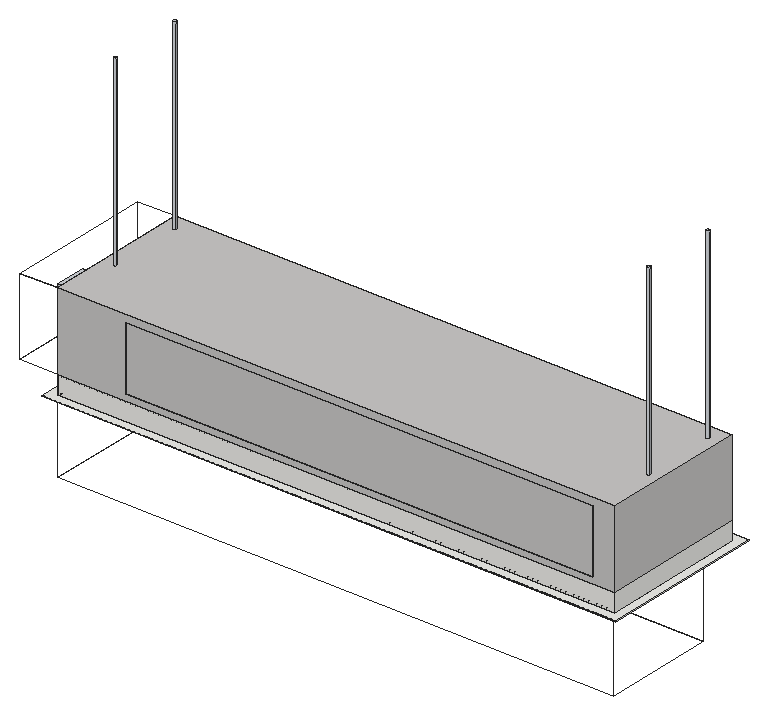
Revit family "AIRTECNICS_AIR CURTAIN_RECESSED OPTIMA_ELECTRICAL HEATED (E)_THREE PHASE", category Mechanical Equipment, Revit 2016
Family settings
  Part Type = Normal
  Round Connector Dimension = Use Diameter
  OmniClass Number = 23.75.70.21.17
  OmniClass Title = Air Curtains
  Work Plane-Based = No
  Always vertical = Yes
  Cut with Voids When Loaded = No
  Shared = No
  Room Calculation Point = No
Parameters (values of type "RO 1500 E")
  · POSITION · [instance] = "-/ Select Curtain Position /-"  # constant formula
  · OTHERS · [instance] = "-/ Select Supports - Inst.Maint. Space /-"  # constant formula
  · HEATING · [instance] = "-/ Select Heating /-"  # constant formula
  Weight [instance] = size_lookup(Name_Lookup_Data, "Weight", 1.00 kg, COD)  # 38.50 kg
  Wall Supports (Horizontal) [instance] = no
  Voltage [instance] = 400 V  # constant formula
  URL_Manufacturer = "https://www.airtecnics.com"
  URL_Datasheet = "https://www.airtecnics.com/download/file/1945/recessed-optima.pdf"
  Supports Length [instance] = 500.0 mm
  Supports (Horizontal) [instance] = yes
  Revit Version = "Revit 2016 - English"  # constant formula
  Review Date = "11/2018"  # constant formula
  Remote Control = "IR-AIR"  # constant formula
  URL = "https://www.airtecnics.com/products/air-curtain-recessed-optima"
  Product Size = if(L = 1000.0 mm, "1000", if(L = 1500.0 mm, "1500", "2000"))  # "1500"
  Product Reference [instance] = size_lookup(Name_Lookup_Ref, "", "Consult Manufacturer", COD)  # "RO 1500 E"
  Product Heating [instance] = if(E Standard, "E Standard", "E-9")  # "E Standard"
  Product Description [instance] = size_lookup(Name_Lookup_Data, "", "Consult Manufacturer", COD)  # "Self-supporting casing construction made of galvanized steel plate, ready to be installed recessed in a false ceiling. \r\nInlet grille (free of maintenance) made with aluminium profiles and blow-out nozzle, integrated in a single white frame colour RAL 9016. Other colours are available on request. \r\nAnodized aluminium outlet vanes, airfoil shaped.\r\nLow noise twisted cross-flow fans driven by a 2-speed external rotor motor.\r\n“E” type with electrical shielded elements, two stages with integrated regulation. \r\nIncludes Plug&Play control with 7m RJ45 cable and infrared remote control. Optional: Clever control (programmable, automatic, intelligent, energy saving, Modbus RTU for BMS…)\r\nAir Volume: 2200 m3/h \r\nFans:  0,117 kW  0,53 A 230Vx1 50Hz\r\nHeating power: 6/9 kW (400Vx3)\r\nDimensions: 446x259x1550 mm (depth, height, length)"
  Power Fans Factor [instance] = size_lookup(Name_Lookup_Data, "Power Factor", 1, COD)  # 0.96
  Power Fans [instance] = size_lookup(Name_Lookup_Data, "Power Fans", 1 kW, COD)  # 0.117 kW
  Power Factor [instance] = 1  # constant formula
  Noise Level (dB(A)) [instance] = size_lookup(Name_Lookup_Data, "Noise Level (dB(A))", 1, COD)  # 51
  Name_Lookup_Ref = "RO_(E-T)_Ref_Lookup"  # constant formula
  Name_Lookup_Data = "RO_(E-T)_Data_Lookup"  # constant formula
  Model = "Air Curtain RECESSED OPTIMA E Three Phase"  # constant formula
  Material Grille = AIRTECNICS_Perforated_Recessed Optima_Galvanized Steel
  Material Curtain [instance] = AIRTECNICS_White RAL 9016
  Length = L + 50.0 mm + Depth - Depth  # 1550.0 mm
  Height = 259.0 mm  # constant formula
  Frequency = 50 Hz  # constant formula
  Fans Stage = 2  # constant formula
  Family Version = "1.0"  # constant formula
  Electrical Heating Capacity (kW) [instance] = if(COD = 11, "3.8/5.65", if(COD = 21, "6/9", if(COD = 31, "3.8/5.65", if(COD = 12, "6/9", if(COD = 42, "3.8/5.65", if(COD = 52, "6/9", if(COD = 14, "5.65/11.3", if(COD = 24, "5.65/11.3", "Consult Manufacturer"))))))))  # "6/9"
  Electrical + Current Fans [instance] = size_lookup(Name_Lookup_Data, "Electrical + Current Fans", 1 A, COD)  # 13.53 A
  E-9 (only OPT 1000) [instance] = no
  E Standard [instance] = not([E-9 (only OPT 1000)])  # yes
  Depth = 445.0 mm  # constant formula
  Current Fans [instance] = size_lookup(Name_Lookup_Data, "Current Fans", 1 A, COD)  # 0.53 A
  Created by = "BIMETRICAL"  # constant formula
  Control [instance] = "CE-2AO-IR"  # constant formula
  Cable = "CB7"  # constant formula
  COD [instance] = if(L = 1000.0 mm, 1, 0) + if(L = 1500.0 mm, 2, 0) + if(L = 2000.0 mm, 4, 0) + if(E Standard, 10, 0) + if([E-9 (only OPT 1000)], 20, 0)  # 12
  Aspiration/Maintenance Space [instance] = yes
  Airflow [instance] = size_lookup(Name_Lookup_Data, "Airflow", 1 m³/h, COD)  # 2200 m³/h
  L = 1500.0 mm
  Type Image = <None>
  IfcExportType = "ELECTRICHEATINGCOIL"  # constant formula
  IfcExportAs = "IfcCoilType"  # constant formula
  Horizontal [instance] = 1 = 1  # yes
  Manufacturer = "AIRTECNICS"  # constant formula
  Description = ""
  Type Comments = "Self-supporting casing construction made of galvanized steel plate, ready to be installed recessed in a false ceiling. \r\nInlet grille (free of maintenance) made with aluminium profiles and blow-out nozzle, integrated in a single white frame colour RAL 9016. Other colours are available on request. \r\nAnodized aluminium outlet vanes, airfoil shaped.\r\nLow noise twisted cross-flow fans driven by a 2-speed external rotor motor.\r\n“P” type with water heated coil. “E” type with electrical shielded elements, two stages with integrated regulation. “A” type without heating, air only. \r\nIncludes Plug&Play control with 7m RJ45 cable and infrared remote control. Optional: Clever control (programmable, automatic, intelligent, energy saving, Modbus RTU for BMS…)\r\n"  # constant formula
  BIMETRICAL Category = "Coil"  # constant formula
  BIMETRICAL = "http://www.bimetrical.com"  # constant formula
  3rd Phase [instance] = size_lookup(Name_Lookup_Data, "3rd Phase", 1 VA, COD)  # 3000 VA
  2nd Phase [instance] = size_lookup(Name_Lookup_Data, "2nd Phase", 1 VA, COD)  # 3000 VA
  1st Phase [instance] = size_lookup(Name_Lookup_Data, "1st Phase", 1 VA, COD)  # 3118 VA
Types (3, lengths in mm): name | Weight | Product Size | Product Reference | Product Description | Power Fans Factor | Power Fans | Noise Level (dB(A)) | Length | Electrical Heating Capacity (kW) | Electrical + Current Fans | Current Fans | COD | Airflow | L | 3rd Phase | 2nd Phase | 1st Phase
  RO 1000 E | 26.00 kg | "1000" | "RO 1000 E" | "Self-supporting casing construction made of galvanized steel plate, ready to be installed recessed in a false ceiling. \r\nInlet grille (free of maintenance) made with aluminium profiles and blow-out nozzle, integrated in a single white frame colour RAL 9016. Other colours are available on request. \r\nAnodized aluminium outlet vanes, airfoil shaped.\r\nLow noise twisted cross-flow fans driven by a 2-speed external rotor motor.\r\n“E” type with electrical shielded elements, two stages with integrated regulation. \r\nIncludes Plug&Play control with 7m RJ45 cable and infrared remote control. Optional: Clever control (programmable, automatic, intelligent, energy saving, Modbus RTU for BMS…)\r\nAir Volume: 1700 m3/h \r\nFans:  0,08 kW  0,41 A 230Vx1 50Hz\r\nHeating power: 3,8/5,6 kW (400Vx3)\r\nDimensions: 446x259x1050 mm (depth, height, length)" | 0.84 | 0.08 kW | 50 | 1050.0 | "3.8/5.65" | 8.57 A | 0.41 A | 11 | 1700 m³/h | 1000.0 | 1880 VA | 1880 VA | 1962 VA
  RO 1500 E | 38.50 kg | "1500" | "RO 1500 E" | "Self-supporting casing construction made of galvanized steel plate, ready to be installed recessed in a false ceiling. \r\nInlet grille (free of maintenance) made with aluminium profiles and blow-out nozzle, integrated in a single white frame colour RAL 9016. Other colours are available on request. \r\nAnodized aluminium outlet vanes, airfoil shaped.\r\nLow noise twisted cross-flow fans driven by a 2-speed external rotor motor.\r\n“E” type with electrical shielded elements, two stages with integrated regulation. \r\nIncludes Plug&Play control with 7m RJ45 cable and infrared remote control. Optional: Clever control (programmable, automatic, intelligent, energy saving, Modbus RTU for BMS…)\r\nAir Volume: 2200 m3/h \r\nFans:  0,117 kW  0,53 A 230Vx1 50Hz\r\nHeating power: 6/9 kW (400Vx3)\r\nDimensions: 446x259x1550 mm (depth, height, length)" | 0.96 | 0.117 kW | 51 | 1550.0 | "6/9" | 13.53 A | 0.53 A | 12 | 2200 m³/h | 1500.0 | 3000 VA | 3000 VA | 3118 VA
  RO 2000 E | 52.50 kg | "2000" | "RO 2000 E" | "Self-supporting casing construction made of galvanized steel plate, ready to be installed recessed in a false ceiling. \r\nInlet grille (free of maintenance) made with aluminium profiles and blow-out nozzle, integrated in a single white frame colour RAL 9016. Other colours are available on request. \r\nAnodized aluminium outlet vanes, airfoil shaped.\r\nLow noise twisted cross-flow fans driven by a 2-speed external rotor motor.\r\n“E” type with electrical shielded elements, two stages with integrated regulation. \r\nIncludes Plug&Play control with 7m RJ45 cable and infrared remote control. Optional: Clever control (programmable, automatic, intelligent, energy saving, Modbus RTU for BMS…)\r\nAir Volume: 3200 m3/h \r\nFans:  0,16 kW  0,82 A 230Vx1 50Hz\r\nHeating power: 5,6/11,3 kW (400Vx3)\r\nDimensions: 446x259x2050 mm (depth, height, length)" | 0.85 | 0.16 kW | 53 | 2050.0 | "5.65/11.3" | 17.14 A | 0.82 A | 14 | 3200 m³/h | 2000.0 | 3750 VA | 3750 VA | 3911 VA
Reference planes
  plane 1 "Centro (Frontal/Posterior)": z = 0
  plane 2: y = 246.57
  plane 3 "Centro (Izquierda/Derecha)": x = 0
Nested families
  nested 1: "GEOM_RECESSED OPTIMA_(A-E-P)" at (0, 246.57, -2), type "GEOM_RECESSED OPTIMA_(A-E-P)"
    with AMP no, Number of Blades 7, L1 1550.0 mm, L 1500.0 mm, C 235.1 mm, A1 1438.0 mm, A 184.75 mm
Connectors
  electrical at (-770, 114.32, 220.25), driven by "Voltage", driven by "1st Phase", driven by "2nd Phase", driven by "3rd Phase"
    settings: on nested 1, index 1, voltage 400 V, apparent load 0 VA, apparent load phase1 3118 VA, apparent load phase2 3000 VA, apparent load phase3 3000 VA, power factor 1, load classification "HVAC", number of poles 3, system type 31, power factor state 1, is connector primary yes, connector utility no, sub classification motor no, connector description ""
Definition of nested family "GEOM_RECESSED OPTIMA_(A-E-P)"
  Parameters (values of type "GEOM_RECESSED OPTIMA_(A-E-P)")
    Wall Supports (Horizontal) = no
    VSUP2 = if(and(Supports Length > 0.0 mm, L = 2000.0 mm, [Supports (Horizontal)]), 1 = 1, 1 = 0)  # no
    VSUP1 = if(and(Supports Length > 0.0 mm, [Supports (Horizontal)]), 1 = 1, 1 = 0)  # yes
    Supports Length = 500.0 mm
    Supports (Horizontal) = yes
    Revit Version = "Revit 2016 - English"  # constant formula
    Review Date = "10/2018"  # constant formula
    P2 = not(P1)  # no
    P1 = yes
    P = no
    Number of Blades = if(L = 1000.0 mm, 5, if(L = 1500.0 mm, 7, 9))  # 5
    Model = "RECESSED OPTIMA"  # constant formula
    Material Grille = none
    Material Curtain = none
    Manufacturer = "AIRTECNICS"  # constant formula
    L_sup = if(Supports Length = 0.0 mm, 1.0 mm, Supports Length)  # 500.0 mm
    L2 = if(P1, 85.0 mm, L1 - (120.0 mm))  # 85.0 mm
    L1 = L + 50.0 mm  # 1050.0 mm
    L = 1000.0 mm
    Family Version = "1.0"  # constant formula
    E = yes
    D_Con = 15 mm
    Created by = "BIMETRICAL"  # constant formula
    C = if(L = 1000.0 mm, 227.75 mm, if(L = 1500.0 mm, 235.1 mm, 238.88 mm))  # 227.75 mm
    BIMETRICAL = "http://www.bimetrical.com/"  # constant formula
    B1 = if(and([Wall Supports (Horizontal)], not([Supports (Horizontal)]), L = 2000.0 mm), 30.0 mm, 1.0 mm)  # 1.0 mm
    B = if([Supports (Horizontal)], 1.0 mm, if(not([Wall Supports (Horizontal)]), 1.0 mm, 30.0 mm))  # 1.0 mm
    Aspiration/Maintenance Space = yes
    AMP [instance] = if(and([Aspiration/Maintenance Space], P), 1 = 1, 1 = 0)  # no
    A1 = L - 62.0 mm  # 938.0 mm
    A-P = not(E)  # no
    A = (L - 22.0 mm) / (Number of Blades + 1)  # 163.0 mm
  Reference planes
    plane 1 "Centro (Frontal/Posterior)": y = 0
    plane 2: z = 0
    plane 3 "Centro (Izquierda/Derecha)": x = 0
    plane 4: x = -500
    plane 5: y = 222.5
    plane 6: x = 500
    plane 7: y = -222.5
    plane 8: y = 198
    plane 9: y = -198
    plane 10: x = -525
    plane 11: x = 525
    plane 12: z = 259
    plane 13: z = 50
    plane 14: z = 2
    plane 15: x = -501
    plane 16: x = 501
    plane 17: x = -469
    plane 18: x = 469
    plane 19: y = 157
    plane 20: y = -43
    plane 21: y = -43
    plane 22: y = 157
    plane 23: z = 90
    plane 24: z = 220
    plane 25: x = -469
    plane 26: x = 469
    plane 27: z = 220
    plane 28: z = 90
    plane 29: x = -455.5
    plane 30: x = -227.75
    plane 31: x = -440
    plane 32: y = -11
    plane 33: x = -405
    plane 34: y = -47
  Forms (mm)
    Extrusion 1, solid
      sketch origin (-1376.546, -1524, 259) x (-1, 0, 0) y (0, -1, 0)
        loop
          line (-876.546, -1721.5) -> (-876.546, -1326.5) -> (-1876.546, -1326.5) -> (-1876.546, -1721.5) -> (-876.546, -1721.5)
      from 0 to -209
    Sweep 2, solid, material <- "Material Curtain"
      path origin (-1376.546, -1524, 259) x (-1, 0, 0) y (0, -1, 0)
        loop
          line (-851.546, -1746.5) -> (-851.546, -1301.5) -> (-1901.546, -1301.5) -> (-1901.546, -1746.5) -> (-851.546, -1746.5)
      profile origin (-525, 0, 259) x (-1, 0, 0) y (0, 0, 1)
        loop
          line (0, -259) -> (0, -257) -> (-24, -257) -> (-24, -209) -> (-25, -209) -> (-25, -259) -> (0, -259)
    Extrusion 3, solid, visible <- "VSUP1"
      sketch origin (-1376.546, -1524, 259) x (-1, 0, 0) y (0, -1, 0)
        loop
          circle (-907.546, -1681) r 4
        loop
          circle (-907.546, -1481) r 4
        loop
          circle (-1845.546, -1681) r 4
        loop
          circle (-1845.546, -1481) r 4
      from 0 to 500
    Extrusion 4, solid, visible <- "VSUP2"
      sketch origin (-1376.546, -1524, 259) x (-1, 0, 0) y (0, -1, 0)
        loop
          circle (-1376.546, -1481) r 4
        loop
          circle (-1376.546, -1681) r 4
      from 0 to 500
    Extrusion 5, void
      sketch origin (-1802.24, 198, 1200) x (-1, 0, 0) y (0, 0, 1)
        loop
          circle (-1333.24, -980) r 4
        loop
          circle (-1333.24, -1110) r 4
        loop
          circle (-2271.24, -980) r 4
        loop
          circle (-2271.24, -1110) r 4
      from 23.5 to 24.5
    Extrusion 6, void
      sketch origin (-1802.24, 198, 1200) x (-1, 0, 0) y (0, 0, 1)
        loop
          circle (-1802.24, -980) r 4
        loop
          circle (-1802.24, -1110) r 4
      from 23.5 to 24.5
    Extrusion 7, solid, material <- "Material Curtain"
      sketch origin (0, 0, 0) x (0, 1, 0) y (0, 0, 1)
        loop
          line (117.506, 0.003) -> (120.506, 0.003) -> (120.506, 25.003) -> (117.506, 25.003) -> (117.506, 0.003)
        loop
          line (131.506, 0.003) -> (134.506, 0.003) -> (134.506, 25.003) -> (131.506, 25.003) -> (131.506, 0.003)
        loop
          line (145.506, 0.003) -> (148.506, 0.003) -> (148.506, 25.003) -> (145.506, 25.003) -> (145.506, 0.003)
        loop
          line (159.506, 0.003) -> (162.506, 0.003) -> (162.506, 25.003) -> (159.506, 25.003) -> (159.506, 0.003)
        loop
          line (173.501, 0.003) -> (176.501, 0.003) -> (176.501, 45.003) -> (173.501, 45.003) -> (173.501, 15.939) -> (173.501, 0.003)
        loop
          line (187.501, 0.003) -> (190.501, 0.003) -> (190.501, 25.003) -> (187.501, 25.003) -> (187.501, 0.003)
      from -500 to 500
    Extrusion 8, solid, material <- "Material Curtain"
      sketch origin (0, 0, 0) x (0, 1, 0) y (0, 0, 1)
        loop
          line (87.6, 2.798) -> (103.505, 15.003) -> (103.505, 25.003) -> (102.205, 25.003) -> (102.205, 15.644) -> (87.203, 4.132)
          arc (87.203, 4.132) -> (83.435, 1.976) -> (79.158, 1.238) r 12.5
          arc (79.158, 1.238) -> (78.507, 0.539) -> (79.256, -0.054) r 0.65
          arc (79.256, -0.054) -> (83.662, 0.688) -> (87.6, 2.798) r 13.8
        loop
          line (63.1, 2.798) -> (79.005, 15.003) -> (79.005, 25.003) -> (77.705, 25.003) -> (77.705, 15.644) -> (62.703, 4.132)
          arc (62.703, 4.132) -> (58.935, 1.976) -> (54.658, 1.238) r 12.5
          arc (54.658, 1.238) -> (54.007, 0.539) -> (54.756, -0.054) r 0.65
          arc (54.756, -0.054) -> (59.162, 0.688) -> (63.1, 2.798) r 13.8
        loop
          line (38.6, 2.798) -> (54.505, 15.003) -> (54.505, 25.003) -> (53.205, 25.003) -> (53.205, 15.644) -> (38.203, 4.132)
          arc (38.203, 4.132) -> (34.435, 1.976) -> (30.158, 1.238) r 12.5
          arc (30.158, 1.238) -> (29.507, 0.539) -> (30.256, -0.054) r 0.65
          arc (30.256, -0.054) -> (34.662, 0.688) -> (38.6, 2.798) r 13.8
        loop
          line (14.1, 2.798) -> (30.005, 15.003) -> (30.005, 25.003) -> (28.705, 25.003) -> (28.705, 15.644) -> (13.703, 4.132)
          arc (13.703, 4.132) -> (9.935, 1.976) -> (5.658, 1.238) r 12.5
          arc (5.658, 1.238) -> (5.007, 0.539) -> (5.756, -0.054) r 0.65
          arc (5.756, -0.054) -> (10.162, 0.688) -> (14.1, 2.798) r 13.8
        loop
          line (-10.4, 2.798) -> (5.505, 15.003) -> (5.505, 25.003) -> (4.205, 25.003) -> (4.205, 15.644) -> (-10.797, 4.132)
          arc (-10.797, 4.132) -> (-14.565, 1.976) -> (-18.842, 1.238) r 12.5
          arc (-18.842, 1.238) -> (-19.493, 0.539) -> (-18.744, -0.054) r 0.65
          arc (-18.744, -0.054) -> (-14.338, 0.688) -> (-10.4, 2.798) r 13.8
        loop
          line (-34.9, 2.798) -> (-18.995, 15.003) -> (-18.995, 25.003) -> (-20.295, 25.003) -> (-20.295, 15.644) -> (-35.297, 4.132)
          arc (-35.297, 4.132) -> (-39.065, 1.976) -> (-43.342, 1.238) r 12.5
          arc (-43.342, 1.238) -> (-43.993, 0.539) -> (-43.244, -0.054) r 0.65
          arc (-43.244, -0.054) -> (-38.838, 0.688) -> (-34.9, 2.798) r 13.8
        loop
          line (-59.4, 2.798) -> (-43.495, 15.003) -> (-43.495, 25.003) -> (-44.795, 25.003) -> (-44.795, 15.644) -> (-59.797, 4.132)
          arc (-59.797, 4.132) -> (-63.565, 1.976) -> (-67.842, 1.238) r 12.5
          arc (-67.842, 1.238) -> (-68.493, 0.539) -> (-67.744, -0.054) r 0.65
          arc (-67.744, -0.054) -> (-63.338, 0.688) -> (-59.4, 2.798) r 13.8
        loop
          line (-83.9, 2.798) -> (-67.995, 15.003) -> (-67.995, 25.003) -> (-69.295, 25.003) -> (-69.295, 15.644) -> (-84.297, 4.132)
          arc (-84.297, 4.132) -> (-88.065, 1.976) -> (-92.342, 1.238) r 12.5
          arc (-92.342, 1.238) -> (-92.993, 0.539) -> (-92.244, -0.054) r 0.65
          arc (-92.244, -0.054) -> (-87.838, 0.688) -> (-83.9, 2.798) r 13.8
        loop
          line (-108.4, 2.798) -> (-92.495, 15.003) -> (-92.495, 25.003) -> (-93.795, 25.003) -> (-93.795, 15.644) -> (-108.797, 4.132)
          arc (-108.797, 4.132) -> (-112.565, 1.976) -> (-116.842, 1.238) r 12.5
          arc (-116.842, 1.238) -> (-117.493, 0.539) -> (-116.744, -0.054) r 0.65
          arc (-116.744, -0.054) -> (-112.338, 0.688) -> (-108.4, 2.798) r 13.8
        loop
          line (-132.9, 2.798) -> (-116.995, 15.003) -> (-116.995, 25.003) -> (-118.295, 25.003) -> (-118.295, 15.644) -> (-133.297, 4.132)
          arc (-133.297, 4.132) -> (-137.065, 1.976) -> (-141.342, 1.238) r 12.5
          arc (-141.342, 1.238) -> (-141.993, 0.539) -> (-141.244, -0.054) r 0.65
          arc (-141.244, -0.054) -> (-136.838, 0.688) -> (-132.9, 2.798) r 13.8
        loop
          line (-157.4, 2.798) -> (-141.495, 15.003) -> (-141.495, 25.003) -> (-142.795, 25.003) -> (-142.795, 15.644) -> (-157.797, 4.132)
          arc (-157.797, 4.132) -> (-161.565, 1.976) -> (-165.842, 1.238) r 12.5
          arc (-165.842, 1.238) -> (-166.493, 0.539) -> (-165.744, -0.054) r 0.65
          arc (-165.744, -0.054) -> (-161.338, 0.688) -> (-157.4, 2.798) r 13.8
        loop
          line (-181.9, 2.798) -> (-165.995, 15.003) -> (-165.995, 25.003) -> (-167.295, 25.003) -> (-167.295, 15.644) -> (-182.297, 4.132)
          arc (-182.297, 4.132) -> (-186.065, 1.976) -> (-190.342, 1.238) r 12.5
          arc (-190.342, 1.238) -> (-190.993, 0.539) -> (-190.244, -0.054) r 0.65
          arc (-190.244, -0.054) -> (-185.838, 0.688) -> (-181.9, 2.798) r 13.8
      from -500 to 500
    Extrusion 9, solid
      sketch origin (0, 0, 0) x (0, 1, 0) y (0, 0, 1)
        loop
          line (106.505, 50) -> (103.505, 50) -> (103.505, 0) -> (106.505, 0) -> (106.505, 50)
      from -500 to 500
    Extrusion 10, solid
      sketch origin (-4, 0, -5.538) x (1, 0, 0) y (0, 1, 0)
        loop
          line (-455.5, 196.005) -> (-455.5, 106.505) -> (-447.5, 106.505) -> (-447.5, 196.005) -> (-455.5, 196.005)
      from 20.94 to 28.94
    Extrusion 11, solid
      sketch origin (223.75, 0, -5.538) x (1, 0, 0) y (0, 1, 0)
        loop
          line (-455.5, 196.005) -> (-455.5, 106.505) -> (-447.5, 106.505) -> (-447.5, 196.005) -> (-455.5, 196.005)
      from 20.94 to 28.94
    Extrusion 12, solid
      sketch origin (451.5, 0, -5.538) x (1, 0, 0) y (0, 1, 0)
        loop
          line (-455.5, 196.005) -> (-455.5, 106.505) -> (-447.5, 106.505) -> (-447.5, 196.005) -> (-455.5, 196.005)
      from 20.94 to 28.94
    Extrusion 13, solid
      sketch origin (679.25, 0, -5.538) x (1, 0, 0) y (0, 1, 0)
        loop
          line (-455.5, 196.005) -> (-455.5, 106.505) -> (-447.5, 106.505) -> (-447.5, 196.005) -> (-455.5, 196.005)
      from 20.94 to 28.94
    Extrusion 14, solid
      sketch origin (907, 0, -5.538) x (1, 0, 0) y (0, 1, 0)
        loop
          line (-455.5, 196.005) -> (-455.5, 106.505) -> (-447.5, 106.505) -> (-447.5, 196.005) -> (-455.5, 196.005)
      from 20.94 to 28.94
    Extrusion 15, void
      sketch origin (-1802.24, -198, 1200) x (-1, 0, 0) y (0, 0, -1)
        loop
          line (-1486.22, 960.7) -> (-1486.22, 1130.7) -> (-2244.49, 1130.7) -> (-2244.49, 960.7) -> (-1486.22, 960.7)
      from 0 to -10
    Extrusion 16, solid, material <- "Material Grille"
      sketch origin (-1802.24, -198, 1200) x (-1, 0, 0) y (0, 0, -1)
        loop
          line (-1486.22, 1130.7) -> (-2244.49, 1130.7) -> (-2244.49, 960.7) -> (-1486.22, 960.7) -> (-1486.22, 1130.7)
      from 0 to -10
    Extrusion 17, solid, visible <- "E"
      sketch origin (-500, 490.93, 1200) x (0, 1, 0) y (0, 0, 1)
        loop
          line (-580.68, -948.75) -> (-665.68, -948.75) -> (-665.68, -1006.75) -> (-580.68, -1006.75) -> (-580.68, -948.75)
      from 0 to -20
    Extrusion 18, solid, visible <- "P"
      sketch origin (-1376.546, -1524, 259) x (-1, 0, 0) y (0, -1, 0)
        loop
          circle (-971.546, -1477) r 7.5
        loop
          circle (-936.546, -1513) r 7.5
      from 0 to 15
    Extrusion 19, solid, visible <- "Aspiration/Maintenance Space"
      sketch origin (0, 0, 0) x (0, 1, 0) y (0, 0, 1)
        loop
          line (103.505, 0) -> (-198.495, 0) -> (-198.495, -200) -> (103.505, -200) -> (103.505, 0)
      from -500 to 500
    Extrusion 20, solid, visible <- "A-P"
      sketch origin (500, 490.93, 1200) x (0, 1, 0) y (0, 0, -1)
        loop
          line (-585.06, 1037.1) -> (-585.06, 1127.6) -> (-628.06, 1127.6) -> (-628.06, 1037.1) -> (-585.06, 1037.1)
      from 1020 to 1000
    Extrusion 21, solid, visible <- "Aspiration/Maintenance Space"
      sketch origin (0, 0, 0) x (-1, 0, 0) y (0, -1, 0)
        loop
          line (500, -198.5) -> (601, -198.5) -> (601, 198.5) -> (500, 198.5) -> (500, -198.5)
      from 50 to 259
    Extrusion 22, solid, visible <- "AMP"
      sketch origin (0, 0, 0) x (1, 0, 0) y (0, 0, 1)
        loop
          line (-500, 259) -> (500, 259) -> (500, 359) -> (-500, 359) -> (-500, 259)
      from -198 to 198
  Cuts and joins
    Extrusion 5, Extrusion 6, Extrusion 15 cuts Extrusion 1
  Lines and regions (mm)
    symbolic lines
      curve 1: line (-525, 222.5, 0) -> (525, 222.5, 0)
      curve 2: line (-525, -222.5, 0) -> (-525, 222.5, 0)
      curve 3: line (525, -222.5, 0) -> (-525, -222.5, 0)
      curve 4: line (525, 222.5, 0) -> (525, -222.5, 0)
      curve 5: line (-500, 197.5, 0) -> (500, 197.5, 0)
      curve 6: line (-500, -197.5, 0) -> (-500, 197.5, 0)
      curve 7: line (500, -197.5, 0) -> (-500, -197.5, 0)
      curve 8: line (500, 197.5, 0) -> (500, -197.5, 0)
      curve 11: line (-500, 103.505, 0) -> (500, 103.505, 0)
    symbolic lines, visible <- "P"
      curve 9: circle (-440, -11, 0) r 7.5 normal (0, 0, 1)
      curve 10: circle (-405, -47, 0) r 7.5 normal (0, 0, 1)
    symbolic lines, visible <- "Aspiration/Maintenance Space"
      curve 12: line (500, 0, -0.062) -> (500, 0, -200)
      curve 13: line (500, 0, -200) -> (-500, 0, -200)
      curve 14: line (-500, 0, -200) -> (-500, 0, -0.062)
      curve 15: line (0, 197.5, 259) -> (0, 197.5, 359)
      curve 16: line (0, 197.5, 359) -> (0, -197.5, 359)
      curve 17: line (0, -197.5, 359) -> (0, -197.5, 259)
      curve 18: line (0, 103.505, 0) -> (0, 103.505, -200)
      curve 19: line (0, 103.505, -200) -> (0, -198.495, -200)
      curve 20: line (0, -198.495, -200) -> (0, -198.495, 0)
      curve 21: line (-500, 0, 259) -> (-601, 0, 259)
      curve 22: line (-601, 0, 259) -> (-601, 0, 50)
      curve 23: line (-601, 0, 50) -> (-500, 0, 50)
      curve 27: line (-501, 198.5, 0) -> (-601, 198.5, 0)
      curve 28: line (-601, 198.5, 0) -> (-601, -198.5, 0)
      curve 29: line (-601, -198.5, 0) -> (-500, -198.5, 0)
    symbolic lines, visible <- "AMP"
      curve 24: line (-500, 0, 259) -> (-500, 0, 359)
      curve 25: line (-500, 0, 359) -> (500, 0, 359)
      curve 26: line (500, 0, 359) -> (500, 0, 259)
  Dimensions and locks
    equal spacing: plane 5, plane 1 "Centro (Frontal/Posterior)", plane 7
    equal spacing: plane 4, plane 3 "Centro (Izquierda/Derecha)", plane 6
    locked: plane 7 to plane 5 at 445
    "L": plane 4 to plane 6
    equal spacing: plane 10, plane 3 "Centro (Izquierda/Derecha)", plane 11
    "L1": plane 10 to plane 11
    equal spacing: plane 8, plane 1 "Centro (Frontal/Posterior)", plane 9
    plane 9 to plane 8 = 396.0 mm
    locked: plane 12 to level at 259
    locked: plane 13 to level at 50
    plane 14 to level = 2.0 mm
    locked: plane 4 to plane 15 at 1
    locked: plane 6 to plane 16 at 1
    equal spacing: plane 17, plane 3 "Centro (Izquierda/Derecha)", plane 18
    "A1": plane 17 to plane 18
    "L_sup": Extrusion 3 to plane 12
    "L_sup": Extrusion 4 to plane 12
    plane 23 to level = 90.0 mm
    plane 24 to plane 23 = 130.0 mm
    plane 12 to plane 24 = 39.0 mm
    equal spacing: plane 26, plane 3 "Centro (Izquierda/Derecha)", plane 25
    "A1": plane 26 to plane 25
    "B": plane 5 to Extrusion 5
    "B1": plane 5 to Extrusion 6
    plane 10 to cut or joined group of Extrusion 1, Extrusion 5, Extrusion 6, Extrusion 15 = 25.0 mm
    equal spacing: group 1, group 2, group 3, group 4, group 5  (x3)
    "C": plane 29 to plane 30
    locked: plane 10 to plane 29 at 69.5
    locked: Extrusion 10 sketch curve to Extrusion 10 sketch curve at 89.5
    locked: Extrusion 10 sketch curve to Extrusion 10 sketch curve at 8
    locked: Extrusion 11 sketch curve to Extrusion 11 sketch curve at 89.5
    locked: Extrusion 11 sketch curve to Extrusion 11 sketch curve at 8
    locked: Extrusion 12 sketch curve to Extrusion 12 sketch curve at 89.5
    locked: Extrusion 12 sketch curve to Extrusion 12 sketch curve at 8
    locked: Extrusion 13 sketch curve to Extrusion 13 sketch curve at 89.5
    locked: Extrusion 13 sketch curve to Extrusion 13 sketch curve at 8
    locked: Extrusion 14 sketch curve to Extrusion 14 sketch curve at 89.5
    locked: Extrusion 14 sketch curve to Extrusion 14 sketch curve at 8
    locked: Extrusion 10 to plane 29 at 4
    Extrusion 11 to plane 30 to Extrusion 11 = 4.0 mm locked, 4.0 mm locked
    locked: plane 12 to Extrusion 15 sketch curve at 19.7
    plane 12 to Extrusion 15 sketch curve = 189.7 mm
    locked: Extrusion 15 sketch curve to plane 4 at 183.98
    locked: Extrusion 15 sketch curve to plane 6 at 57.75
    "L2": plane 10 to plane 31
    locked: plane 31 to plane 33 at 35
    plane 7 to Extrusion 19 sketch curve to Extrusion 19 sketch curve = 24.005 mm, 302.0 mm locked
    locked: Extrusion 19 sketch curve to Extrusion 19 sketch curve at 200
    locked: Extrusion 17 sketch curve to Extrusion 17 sketch curve at 58
    locked: Extrusion 17 sketch curve to Extrusion 17 sketch curve at 85
    locked: Extrusion 17 sketch curve to plane 9 at 23.25
    locked: Extrusion 17 sketch curve to plane 13 at 143.25
    locked: Extrusion 20 sketch curve to Extrusion 20 sketch curve at 43
    locked: Extrusion 20 sketch curve to Extrusion 20 sketch curve at 90.5
    locked: Extrusion 20 sketch curve to plane 7 at 85.37
    locked: Extrusion 20 sketch curve to plane 13 at 22.4
    locked: plane 8 to plane 19 at 41
    locked: plane 20 to plane 19 at 200
    locked: plane 8 to plane 22 at 41
    locked: plane 22 to plane 21 at 200
    locked: plane 8 to plane 32 at 209
    locked: plane 8 to plane 34 at 245
    plane 4 to plane 31 = 60.0 mm
    Extrusion 22 sketch curve to Extrusion 21 = 100.0 mm
    "D_Con": diameter of Extrusion 18 sketch curve  (x2)
    aligned and locked: level to plane 2
    aligned and locked: plane 4 to Extrusion 1 sketch curve
    aligned and locked: plane 6 to Extrusion 1 sketch curve
    aligned and locked: Extrusion 1 to plane 13
    aligned and locked: plane 10 to Sweep 2 sketch curve
    aligned and locked: plane 11 to Sweep 2 sketch curve
    aligned and locked: Sweep 2 sketch curve to plane 10
    aligned and locked: plane 14 to Sweep 2 sketch curve
    aligned and locked: Sweep 2 sketch curve to level
    aligned and locked: plane 4 to Sweep 2 sketch curve
    aligned and locked: plane 13 to Sweep 2 sketch curve
    aligned and locked: plane 17 to Extrusion 3 sketch curve  (x2)
    aligned and locked: plane 18 to Extrusion 3 sketch curve  (x2)
    aligned and locked: plane 3 "Centro (Izquierda/Derecha)" to Extrusion 4 sketch curve  (x2)
    aligned and locked: plane 26 to Extrusion 5 sketch curve  (x2)
    aligned and locked: plane 25 to Extrusion 5 sketch curve  (x2)
    aligned and locked: plane 5 to Extrusion 6
    aligned and locked: Extrusion 1 sketch curve to Sweep 2  (x2)
    aligned and locked: Extrusion 7 to plane 4
    aligned and locked: Extrusion 7 to plane 6
    aligned and locked: Extrusion 8 to plane 6
    aligned and locked: Extrusion 8 to plane 4
    aligned and locked: Extrusion 9 to plane 6
    aligned and locked: Extrusion 9 to plane 4
    aligned and locked: Extrusion 16 sketch curve to cut or joined group of Extrusion 1, Extrusion 5, Extrusion 6, Extrusion 15  (x4)
    aligned and locked: plane 31 to Extrusion 18 sketch curve
    aligned and locked: Extrusion 18 sketch curve to plane 32
    aligned and locked: plane 33 to Extrusion 18 sketch curve
    aligned and locked: Extrusion 18 sketch curve to plane 34
    aligned and locked: Extrusion 19 to plane 6
    aligned and locked: Extrusion 19 to plane 4
    aligned and locked: curve 1 to Sweep 2
    aligned and locked: curve 2 to Sweep 2
    aligned and locked: curve 3 to Sweep 2
    aligned and locked: curve 4 to Sweep 2
    aligned and locked: curve 5 to Sweep 2
    aligned and locked: curve 6 to Sweep 2
    aligned and locked: curve 7 to Sweep 2
    aligned and locked: curve 8 to Sweep 2
    aligned and locked: curve 9 to Extrusion 18
    aligned and locked: curve 10 to Extrusion 18
    aligned and locked: curve 11 to Extrusion 8
    aligned and locked: plane 4 to Extrusion 20
    aligned and locked: Extrusion 17 to Extrusion 20
    aligned and locked: Extrusion 22 sketch curve to cut or joined group of Extrusion 1, Extrusion 5, Extrusion 6, Extrusion 15
    aligned and locked: Extrusion 22 sketch curve to plane 6
    aligned and locked: plane 8 to Extrusion 22
    aligned and locked: plane 9 to Extrusion 22
  Automatic sketch dimensions
    curve 22 to plane 13 = 0.0 mm
    curve 22 to plane 12 = 0.0 mm
    curve 14 to plane 4 = 0.0 mm
    curve 21 to plane 4 = 0.0 mm
    curve 23 to plane 4 = 0.0 mm
    plane 6 to curve 13 = 0.0 mm
    plane 6 to curve 25 = 0.0 mm
    curve 26 to plane 12 = 0.0 mm
    curve 21 to plane 10 = 76.0 mm
    curve 14 to level = 200.0 mm
    plane 12 to curve 25 = 100.0 mm
    curve 12 to level = 0.062 mm
    curve 14 to level = 0.062 mm
    curve 27 to plane 15 = 0.0 mm
    curve 29 to plane 4 = 0.0 mm
    plane 8 to curve 27 = 0.5 mm
    curve 27 to plane 10 = 76.0 mm
    plane 9 to curve 28 = 0.5 mm
    Sweep 2 sketch curve to plane 5 = 0.0 mm
    plane 7 to Sweep 2 sketch curve = 0.0 mm
    Sweep 2 sketch curve to Sweep 2 sketch curve = 1.0 mm
    Extrusion 4 sketch curve to plane 22 = 0.0 mm
    Extrusion 4 sketch curve to plane 21 = 0.0 mm
    Extrusion 6 sketch curve to plane 3 "Centro (Izquierda/Derecha)" = 0.0 mm  (x2)
    Extrusion 6 sketch curve to plane 28 = 0.0 mm
    Extrusion 6 sketch curve to plane 27 = 0.0 mm
    level to Extrusion 7 sketch curve = 0.003 mm  (x6)
    Extrusion 7 sketch curve to plane 8 = 80.494 mm
    Extrusion 7 sketch curve to Extrusion 7 sketch curve = 3.0 mm  (x6)
    Extrusion 7 sketch curve to Extrusion 7 sketch curve = 11.0 mm  (x3)
    Extrusion 7 sketch curve to Extrusion 7 sketch curve = 10.995 mm
    Extrusion 7 sketch curve to plane 8 = 10.499 mm
    plane 14 to Extrusion 7 sketch curve = 13.939 mm
    plane 14 to Extrusion 7 sketch curve = 23.003 mm
    Extrusion 7 sketch curve to Extrusion 7 sketch curve = 0.0 mm  (x3)
    Extrusion 7 sketch curve to Extrusion 7 sketch curve = 9.063 mm
    Extrusion 7 sketch curve to plane 13 = 4.997 mm
    level to Extrusion 8 sketch curve = 0.588 mm  (x12)
    Extrusion 8 sketch curve to plane 9 = 7.655 mm
    Extrusion 8 sketch curve to plane 9 = 7.699 mm
    Extrusion 8 sketch curve to Extrusion 8 sketch curve = 0.006 mm  (x12)
    plane 14 to Extrusion 8 sketch curve = 2.132 mm  (x12)
    Extrusion 8 sketch curve to Extrusion 8 sketch curve = 8.048 mm  (x12)
    plane 14 to Extrusion 8 sketch curve = 0.798 mm  (x12)
    Extrusion 8 sketch curve to Extrusion 8 sketch curve = 0.397 mm  (x12)
    Extrusion 8 sketch curve to Extrusion 8 sketch curve = 23.001 mm
    Extrusion 8 sketch curve to Extrusion 8 sketch curve = 1.3 mm  (x12)
    Extrusion 8 sketch curve to Extrusion 8 sketch curve = 0.15 mm  (x10)
    Extrusion 8 sketch curve to Extrusion 8 sketch curve = 0.193 mm  (x11)
    plane 14 to Extrusion 8 sketch curve = 13.644 mm  (x4)
    Extrusion 8 sketch curve to Extrusion 8 sketch curve = 15.002 mm  (x7)
    Extrusion 8 sketch curve to Extrusion 8 sketch curve = 23.2 mm  (x2)
    plane 1 "Centro (Frontal/Posterior)" to Extrusion 8 sketch curve = 20.295 mm
    Extrusion 8 sketch curve to plane 1 "Centro (Frontal/Posterior)" = 4.205 mm
    Extrusion 8 sketch curve to plane 1 "Centro (Frontal/Posterior)" = 5.655 mm
    plane 14 to Extrusion 8 sketch curve = 13.003 mm  (x2)
    plane 14 to Extrusion 8 sketch curve = 11.738 mm  (x8)
    Extrusion 8 sketch curve to Extrusion 8 sketch curve = 1.906 mm  (x3)
    Extrusion 8 sketch curve to Extrusion 8 sketch curve = 1.264 mm
    Extrusion 8 sketch curve to Extrusion 8 sketch curve = 0.008 mm  (x12)
    Extrusion 8 sketch curve to Extrusion 8 sketch curve = 1.257 mm  (x10)
    Extrusion 8 sketch curve to Extrusion 8 sketch curve = 0.641 mm  (x8)
    Extrusion 8 sketch curve to Extrusion 8 sketch curve = 9.359 mm  (x12)
    Extrusion 8 sketch curve to Extrusion 8 sketch curve = 0.0 mm  (x12)
    Extrusion 9 sketch curve to plane 13 = 0.0 mm
    Extrusion 9 sketch curve to level = 0.0 mm
    Extrusion 9 sketch curve to plane 8 = 94.495 mm
    Extrusion 9 sketch curve to Extrusion 9 sketch curve = 3.0 mm
    Extrusion 19 sketch curve to level = 0.0 mm
    curve 20 to level = 0.0 mm
    curve 17 to plane 12 = 0.0 mm
    curve 18 to level = 0.0 mm
    curve 15 to plane 12 = 0.0 mm
    plane 9 to curve 20 = 0.495 mm
    curve 17 to plane 9 = 0.5 mm
    curve 18 to plane 8 = 94.495 mm
    curve 15 to plane 8 = 0.5 mm
    curve 18 to level = 200.0 mm
    curve 15 to curve 16 = 100.0 mm
    Extrusion 21 sketch curve to plane 4 = 0.0 mm
    plane 9 to Extrusion 21 sketch curve = 0.5 mm
    Extrusion 21 sketch curve to plane 10 = 76.0 mm
    plane 8 to Extrusion 21 sketch curve = 0.5 mm
    Extrusion 22 sketch curve to plane 12 = 0.0 mm
    Extrusion 3 sketch curve to plane 19 = 0.0 mm  (x2)
    plane 20 to Extrusion 3 sketch curve = 0.0 mm  (x2)
    Extrusion 5 sketch curve to plane 23 = 0.0 mm  (x2)
    Extrusion 5 sketch curve to plane 24 = 0.0 mm  (x2)
    radius of Extrusion 4 sketch curve = 4.0 mm  (x2)
    radius of Extrusion 6 sketch curve = 4.0 mm  (x2)
    radius of Extrusion 3 sketch curve = 4.0 mm  (x4)
    radius of Extrusion 5 sketch curve = 4.0 mm  (x4)
